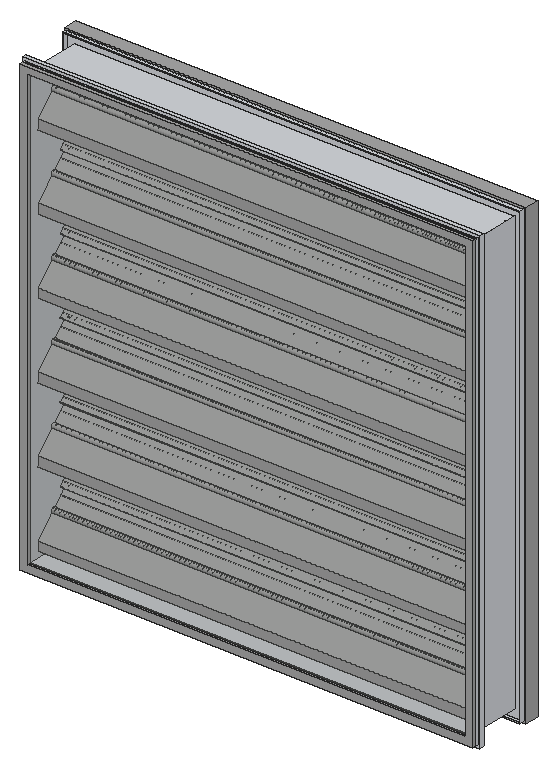
Revit family
Parameters
  Weight = "4.5 lb/sq.ft."  # constant formula
  Warranty = "All materials and workmanship are warranted for a period of 1 year from date of completion."  # constant formula
  URL = "http://www.industriallouvers.com"
  Surface Finish = "Aluminum, Anodized, or Kynar finish"  # constant formula
  Support Material = Aluminum
  Subcategory = "Adjustable and Combo"  # constant formula
  Static Pressure Loss = ""
  Specifications  URL = "http://www.industriallouvers.com/downloads/Adjustable%20&%20Combo/670_SD.doc"
  Screen Width [instance] = Louver Width - 0' 0 1/2"  # 3' - 11 1/2"
  Screen Material = Screen Material
  Screen Height [instance] = Louver Height - 0' 0 1/2" + 0' 0 9/64"  # 3' - 11 41/64"
  SMARTBIM URL = "http://www.SMARTBIM.com"
  SMARTBIM Object Version = 3  # constant formula
  SMARTBIM Object Created By = "SMARTBIM, LLC"  # constant formula
  SMARTBIM Contact = "mailto:SMARTBIM@SMARTBIM.com"
  Product Submittal URL = "http://www.industriallouvers.com/downloads/Adjustable%20&%20Combo/670_PS.pdf"
  Product Page URL = "http://www.industriallouvers.com/lv_fend.php"
  Number of Blades [instance] = (Louver Height - 0' 8 5/8") / 0' 6"  # 7
  Model = "670"  # constant formula
  Minimum Height = 1' - 0"  # constant formula
  Maximum Water Penetration = ""
  Maximum Size - Single Section [instance] = "Not to exceed 60\" x 120\" or 300 lbs"
  Material = "Aluminum"  # constant formula
  Manufacturer Toll Free Phone = "1-800-328-3421"  # constant formula
  Manufacturer Phone = "763-972-2981"  # constant formula
  Manufacturer Fax = "763-972-2911"  # constant formula
  Manufacturer Email = "mailto:ilinfo@industriallouvers.com"
  Manufacturer Address = "511 S. 7th Street, Delano, MN 55328"  # constant formula
  Manufacturer = "Industrial Louvers, Inc."  # constant formula
  Maintenance = "http://www.industriallouvers.com/prod-forms/Maintenance%20Instructions.pdf"
  Louver Width [instance] = 4' - 0"
  Louver Height [instance] = 4' - 0"
  Installation URL = "http://www.industriallouvers.com/downloads/Adjustable%20&%20Combo/670_II.pdf"
  Height [instance] = if(Louver Height < 1' 6", 1' 6", Louver Height + 0' 0 1/8")  # 4' - 0 1/8"
  Free Area for 48”x48” Louver = "61.3%"  # constant formula
  Free Area (ft²) for 48" x 48" Louver = "9.8"  # constant formula
  Frame Material = Aluminum
  Fill Material = Product Filling
  Description = "Adjustable and Combo"  # constant formula
  Depth = 0' - 6"  # constant formula
  Default Elevation = 4' - 0"
  Cost Info = "Contact Factory"  # constant formula
  CAD Drawings = "http://www.industriallouvers.com/downloads/Adjustable%20&%20Combo/670_ACD.dwg"
  Blade Width [instance] = Louver Width - 0' 2 1/8"  # 3' - 9 7/8"
  Blade Start Height [instance] = 0' 1" + (((Louver Height - Blade Region Height) / 2) / 2) - 0' 0 5/64"  # 0' - 5 7/64"
  Blade Region Height [instance] = (Blade Count) * 0' 6 1/4" - 0' 6 1/4"  # 2' - 7 1/4"
  Blade Material = Aluminum
  Blade Count [instance] = if(((Louver Height - 0' 5 1/2") / 0' 5") < 2, 2, ((Louver Height - 0' 8 5/8") / 0' 6")) - 1  # 6
  Assembly Code = "B2010300"
  95 CSI = "10200"  # constant formula
  04 CSI = "08 91 00"  # constant formula
Reference planes (in)
  plane 1 "Center (Front/Back)": y = 1
  plane 2: z = 0
  plane 3 "Center (Left/Right)": x = 0
  plane 4: x = -24.2
  plane 5 "Back of Blade": y = 4
  plane 6: z = 1.9087
  plane 7: z = 47.30027
  plane 8: z = 48.47554
  plane 9 "Back of Screen": y = 4.345
  plane 10: y = 4.47
  plane 11: y = 5.845
  plane 12 "Front of Louver": y = -2
  plane 13: z = 24.30027
  plane 14: x = -23
  plane 15: y = -2
  plane 16: z = 24.30027
  plane 17: z = 0.1587
  plane 18: z = 44.76902
  plane 19: z = 47.55027
  plane 20: x = -24
  plane 21: z = 0.30027
  plane 22: z = 48.30027
  plane 23: x = 24.2
  plane 24: x = 23
  plane 25: x = 24
  plane 26: y = -2.34375
  plane 27: x = 19.75
  plane 28: x = 19.875
Forms (in)
  Sweep 1, solid, material "Aluminum" <- "Support Material"
    path origin (0, 1, 0) x (1, 0, 0) y (0, 0, 1)
      loop
        line (-24.2, 48.47554) -> (-24.2, 0) -> (24.2, 0) -> (24.2, 48.47554) -> (-24.2, 48.47554)
    profile origin (0, 1, 48.47554) x (0, 0, 1) y (0, -1, 0)
      loop
        line (-1.5, -3.05) -> (-1.5, -3.175) -> (-0.125, -3.175) -> (-0.125, -4.55) -> (0, -4.55) -> (0, -3.05) -> (-1.5, -3.05)
  Extrusion 2, solid, material "Aluminum" <- "Blade Material"
    sketch origin (0, 0, 0) x (0, 1, 0) y (0, 0, 1)
      loop
        line (2.37405, 1.1587) -> (2.37405, 1.24335) -> (1.36762, 1.24335) -> (1.2331, 1.65303) -> (1.26351, 1.66302) -> (1.07883, 2.22547) -> (0.97105, 2.19009) -> (0.83836, 2.71622) -> (0.80733, 2.7084) -> (0.93875, 2.18729) -> (1.12574, 1.61778) -> (1.15614, 1.62777) -> (1.31016, 1.1587) -> (2.37405, 1.1587)
    from -23 to 23
  Sweep 3, solid
    path origin (0, 1, 0) x (1, 0, 0) y (0, 0, 1)
      loop
        line (24, 48.30027) -> (-24, 48.30027) -> (-24, 0.1587) -> (24, 0.1587) -> (24, 48.30027)
    profile origin (0, 1, 48.30027) x (0, 0, -1) y (0, -1, 0)
      loop
        line (1, -3) -> (1, 3) -> (0.25, 3) -> (0.25, 2.74997) -> (0, 2.74997) -> (0, 2.24997) -> (0.05, 2.24997) -> (0.05, 2.66997) -> (0.33, 2.66997) -> (0.33, 2.91997) -> (0.92, 2.91997) -> (0.92, -2.97) -> (0.05, -2.97) -> (0.05, -2.55) -> (0, -2.55) -> (0, -3.05) -> (2, -3.05) -> (2, -3) -> (1, -3)
  Extrusion 4, solid
    sketch origin (0, 0, 0) x (0, 1, 0) y (0, 0, 1)
      loop
        line (0.0923, 47.30027) -> (0.90328, 45.9928) -> (0.98685, 46.04128) -> (0.25554, 47.22029) -> (1.27828, 47.22029) -> (1.27828, 47.30027) -> (0.0923, 47.30027)
    from -23 to 23
  Extrusion 5, solid
    sketch origin (19.875, 3.75927, 36.36044) x (0, 0.932051, -0.362326) y (0, -0.362326, -0.932051)
      loop
        line (11.94022, 29.22664) -> (-3.46111, -10.3919) -> (-2.52906, -10.75422) -> (12.87227, 28.86432) -> (11.94022, 29.22664)
    from 0 to 0.125
Dimensions and locks (in)
  locked: plane 6 to level at 1.9087
  locked: plane 11 to plane 9 "Back of Screen" at 1.5
  locked: plane 10 to plane 9 "Back of Screen" at 0.125
  locked: plane 9 "Back of Screen" to plane 5 "Back of Blade" at 0.345
  equal spacing: plane 5 "Back of Blade", plane 1 "Center (Front/Back)", plane 15
  "Depth": plane 5 "Back of Blade" to plane 15
  locked: plane 4 to plane 14 at 1.2
  locked: plane 17 to level at 0.1587
  locked: plane 7 to plane 18 at 2.53125
  locked: plane 8 to plane 19 at 0.92527
  locked: plane 4 to plane 20 at 0.2
  locked: plane 22 to plane 8 at 0.17527
  plane 21 to plane 6 = 0' - 1.60843"
  "Louver Height": plane 21 to plane 22
  equal spacing: plane 21, plane 16, plane 22
  locked: plane 23 to plane 24 at 1.2
  locked: plane 23 to plane 25 at 0.2
  equal spacing: plane 20, plane 3 "Center (Left/Right)", plane 25
  "Louver Width": plane 20 to plane 25
  Sweep 3 sketch curve to Sweep 3 sketch curve to Sweep 3 sketch curve to Sweep 3 sketch curve to Sweep 3 sketch curve to Sweep 3 sketch curve to plane 22 = 0' - 1" locked, 0' - 0.08" locked, 0' - 0.59" locked, 0' - 0.08" locked, 0' - 0.2" locked, 0' - 0.05" locked
  equal spacing: group 1, group 3, group 4, group 5, group 6, group 2  (x3)
  locked: Extrusion 2 sketch curve to plane 1 "Center (Front/Back)" at 1.37405
  locked: plane 28 to plane 27 at 0.125
  locked: plane 24 to plane 28 at 3.125
  locked: plane 8 to plane 7 at 1.17527
  aligned and locked: Sweep 1 sketch curve to plane 8
  aligned and locked: Sweep 1 sketch curve to level
  aligned and locked: Sweep 1 sketch curve to plane 4
  aligned: Sweep 1 to plane 9 "Back of Screen"
  aligned and locked: plane 3 "Center (Left/Right)" to nested 1
  aligned and locked: plane 16 to plane 13
  aligned and locked: plane 3 "Center (Left/Right)" to nested 2
  aligned and locked: plane 6 to nested 2
  aligned: nested 2 to plane 5 "Back of Blade"
  aligned and locked: plane 23 to Sweep 1 sketch curve
  aligned and locked: Sweep 3 sketch curve to plane 22
  aligned and locked: Sweep 3 sketch curve to plane 20
  aligned and locked: plane 25 to Sweep 3 sketch curve
  aligned and locked: Sweep 3 sketch curve to plane 17
  aligned and locked: Extrusion 4 to Sweep 3  (x2)
  aligned and locked: plane 22 to Sweep 3 sketch curve  (x2)
  aligned and locked: Sweep 3 sketch curve to Sweep 3 sketch curve
  aligned and locked: Extrusion 2 to plane 24
  aligned and locked: Extrusion 2 to plane 14
  aligned and locked: nested 1 to plane 15
  aligned and locked: nested 1 to plane 26
  aligned and locked: nested 1 to Sweep 3
  aligned and locked: Sweep 1 to Sweep 3
  aligned: plane 7 to nested 3
  aligned and locked: nested 3 to plane 1 "Center (Front/Back)"
  aligned and locked: nested 2 to plane 1 "Center (Front/Back)"
  aligned and locked: nested 2 to Extrusion 5 sketch curve
  aligned and locked: nested 3 to Extrusion 5 sketch curve
  aligned and locked: Extrusion 5 to plane 27
  aligned: Extrusion 5 to nested 3
  aligned and locked: plane 3 "Center (Left/Right)" to nested 3
  aligned and locked: plane 28 to Extrusion 5
  aligned and locked: plane 7 to nested 3
Automatic sketch dimensions
  profile plane to Sweep 1 sketch curve = 0' - 0"
  Sweep 1 sketch curve to Sweep 1 sketch curve = 0' - 0 1/8"  (x2)
  Sweep 1 sketch curve to Sweep 1 sketch curve = 0' - 1 3/8"  (x2)
  Sweep 1 sketch curve to plane 1 "Center (Front/Back)" = 0' - 4.55"
  Sweep 3 sketch curve to plane 1 "Center (Front/Back)" = 0' - 3.05"
  Sweep 3 sketch curve to Sweep 3 sketch curve = 0' - 0.05"
  Sweep 3 sketch curve to Sweep 3 sketch curve = 0' - 0.03"
  Sweep 3 sketch curve to Sweep 3 sketch curve = 0' - 0.42"  (x2)
  plane 1 "Center (Front/Back)" to Sweep 3 sketch curve = 0' - 2.24997"
  Sweep 3 sketch curve to Sweep 3 sketch curve = 0' - 0.08"
  Sweep 3 sketch curve to Sweep 3 sketch curve = 0' - 0.17"
  Sweep 3 sketch curve to Sweep 3 sketch curve = 0' - 0.08003"
  Extrusion 4 sketch curve to plane 1 "Center (Front/Back)" = 0' - 0.27828"
  Extrusion 4 sketch curve to plane 19 = 0' - 0.32998"
  Extrusion 4 sketch curve to Extrusion 4 sketch curve = 0' - 0.07998"
  plane 1 "Center (Front/Back)" to Extrusion 4 sketch curve = 0' - 0.74446"
  plane 1 "Center (Front/Back)" to Extrusion 4 sketch curve = 0' - 0.01315"
  Extrusion 4 sketch curve to Extrusion 4 sketch curve = 0' - 1.17902"
  Extrusion 4 sketch curve to Extrusion 4 sketch curve = 0' - 0.16325"
  Extrusion 4 sketch curve to Extrusion 4 sketch curve = 0' - 0.08357"
  Extrusion 4 sketch curve to Extrusion 4 sketch curve = 0' - 0.04847"
  Extrusion 2 sketch curve to plane 1 "Center (Front/Back)" = 0' - 0.26351"
  Extrusion 2 sketch curve to Extrusion 2 sketch curve = 0' - 0.0304"  (x2)
  Extrusion 2 sketch curve to Extrusion 2 sketch curve = 0' - 0.07696"
  Extrusion 2 sketch curve to Extrusion 2 sketch curve = 0' - 0.15401"
  Extrusion 2 sketch curve to plane 1 "Center (Front/Back)" = 0' - 0.07883"
  Extrusion 2 sketch curve to Extrusion 2 sketch curve = 0' - 0.0323"
  plane 1 "Center (Front/Back)" to Extrusion 2 sketch curve = 0' - 0.16164"
  Extrusion 2 sketch curve to Extrusion 2 sketch curve = 0' - 0.03103"
  Extrusion 2 sketch curve to plane 21 = 0' - 0.85843"
  Extrusion 2 sketch curve to Extrusion 2 sketch curve = 0' - 0.00998"  (x2)
  Extrusion 2 sketch curve to Extrusion 2 sketch curve = 0' - 0.03525"
  Extrusion 2 sketch curve to Extrusion 2 sketch curve = 0' - 0.05746"
  level to Extrusion 2 sketch curve = 0' - 2.18729"
  Extrusion 5 sketch curve to plane 12 "Front of Louver" = 0' - 6.29859"
  Extrusion 5 sketch curve to Extrusion 5 sketch curve = 0' - 0.93205"
Nested families (in)
  nested 1: "Louver Screen" at (18, -2.34375, 0.40964), Width <- "Screen Width", Height <- "Screen Height", type "Louver Screen"
    with Width 3' - 11 1/2", Height 3' - 11 41/64", Depth 0' - 0 11/32"
  nested 2: "Louver-Blade_470_IndustrialLouver" at (0, 2.92543, 1.9087), type "Louver-Blade_470_IndustrialLouver"
    with Width 3' - 9 7/8"
  nested 3: "Louver-Blade_470_IndustrialLouver" at (0, 2.92543, 41.53076), type "Louver-Blade_470_IndustrialLouver"
    with Width 3' - 9 7/8"
  nested 4: "Louver-Blade_470_IndustrialLouver" at (0, 2.92543, 9.83311), type "Louver-Blade_470_IndustrialLouver"
    with Width 3' - 9 7/8"
  nested 5: "Louver-Blade_470_IndustrialLouver" at (0, 2.92543, 17.75752), type "Louver-Blade_470_IndustrialLouver"
    with Width 3' - 9 7/8"
  nested 6: "Louver-Blade_470_IndustrialLouver" at (0, 2.92543, 25.68194), type "Louver-Blade_470_IndustrialLouver"
    with Width 3' - 9 7/8"
  nested 7: "Louver-Blade_470_IndustrialLouver" at (0, 2.92543, 33.60635), type "Louver-Blade_470_IndustrialLouver"
    with Width 3' - 9 7/8"
Connectors (in)
  hvac at (0, 4.175, 24.23777), driven by "Louver Height", driven by "Louver Width"
    settings: on Sweep 1, index 1, duct flow 0 CFM, flow factor 0, pres drop 0.00 in-wg, loss coef 0, conn angle 0.00°, conn width 48", conn height 48", conn radius 12", duct sys type 1, conn prof type 1, flow config 0, flow direction 0, loss method 0, conn ref index -1, conn util no, is conn primary yes, conn desc ""
Definition of nested family "Louver Screen"
  Parameters (values of type "Louver Screen")
    Width [instance] = 5' - 0"
    Screen Frame = Aluminum
    Screen = Screen Material
    Height [instance] = 2' - 0"
    Depth [instance] = 0' - 0 115/256"
  Reference planes (in)
    plane 1 "Front": y = 0
    plane 2: z = 0
    plane 3 "Center (Left/Right)": x = -18
    plane 4: x = -48
    plane 5: x = 12
    plane 6: z = 24
    plane 7: x = -47.25
    plane 8: x = 11.25
    plane 9: z = 23.25
    plane 10: z = 0.75
    plane 11 "Back": y = 0.44922
    plane 12 "Center (Front/Back)": y = 0.22461
    plane 13: y = 0.19336
    plane 14: y = 0.25586
  Forms (in)
    Sweep 1, solid, material "Aluminum" <- "Screen Frame"
      path origin (0, 0, 0) x (1, 0, 0) y (0, 0, 1)
        loop
          line (-48, 24) -> (-48, 0) -> (12, 0) -> (12, 24) -> (-48, 24)
      profile origin (-18, 0, 24) x (0, 0, 1) y (0, -1, 0)
        loop
          line (0, 0) -> (-0.75, 0) -> (-0.75, -0.44922) -> (0, -0.44922) -> (0, 0)
    Extrusion 2, solid, material "Screen Material" <- "Screen"
      sketch origin (0, 0, 0) x (1, 0, 0) y (0, 0, 1)
        loop
          line (-47.25, 0.75) -> (11.25, 0.75) -> (11.25, 23.25) -> (-47.25, 23.25) -> (-47.25, 0.75)
      from -0.19336 to -0.25586
  Dimensions and locks (in)
    equal spacing: plane 4, plane 3 "Center (Left/Right)", plane 5
    "Width": plane 4 to plane 5
    "Height": plane 6 to level
    locked: Sweep 1 sketch curve to Sweep 1 sketch curve at 0.75
    locked: plane 6 to plane 9 at 0.75
    locked: plane 4 to plane 7 at 0.75
    locked: plane 5 to plane 8 at 0.75
    locked: plane 10 to level at 0.75
    "Depth": plane 1 "Front" to plane 11 "Back"
    equal spacing: plane 1 "Front", plane 12 "Center (Front/Back)", plane 11 "Back"
    plane 14 to plane 12 "Center (Front/Back)" to plane 13 = 0' - 0 1/32" locked, 0' - 0 1/32" locked
    aligned and locked: Sweep 1 sketch curve to plane 6
    aligned and locked: Sweep 1 sketch curve to plane 4
    aligned and locked: Sweep 1 sketch curve to level
    aligned and locked: Sweep 1 sketch curve to plane 5
    aligned and locked: Extrusion 2 sketch curve to plane 7
    aligned and locked: Extrusion 2 sketch curve to plane 9
    aligned and locked: Extrusion 2 sketch curve to plane 10
    aligned and locked: Extrusion 2 sketch curve to plane 8
    aligned and locked: plane 11 "Back" to Sweep 1
    aligned and locked: plane 1 "Front" to Sweep 1 sketch curve
    aligned and locked: plane 11 "Back" to Sweep 1 sketch curve
    aligned and locked: plane 14 to Extrusion 2
    aligned and locked: Extrusion 2 to plane 13
  Automatic sketch dimensions
    profile plane to Sweep 1 sketch curve = 0' - 0"
Definition of nested family "Louver-Blade_470_IndustrialLouver"
  Parameters (values of type "Louver-Blade_470_IndustrialLouver")
    Width = 3' - 10"
    Fill Material = Product Filling
    Blade Material = Aluminum
    Assembly Code = ""
  Reference planes (in)
    plane 1 "Center (Front/Back)": y = 0
    plane 2: z = 0
    plane 3 "Center (Left/Right)": x = 0
    plane 4: x = -23
    plane 5: x = 23
    plane 6: z = 5.76951
    plane 7: z = 2.88475
    plane 8: x = 20
    plane 9: x = 19.875
    plane 10: y = -1.92543
    plane 11: y = 1.87316
  Forms (in)
    Extrusion 1, solid, material "Aluminum" <- "Blade Material"
      sketch origin (0, 0, 0) x (0, 1, 0) y (0, 0, 1)
        loop
          line (-3.87, 0.96686) -> (-2.07446, 2.76241)
          arc (-2.07446, 2.76241) -> (-1.89751, 2.7105) -> (-1.72882, 2.78497) r 0.2685
          arc (-1.72882, 2.78497) -> (-1.73381, 2.8467) -> (-1.79332, 2.82955) r 0.04
          line (-1.79332, 2.82955) -> (-2.07467, 2.88014)
          arc (-2.07467, 2.88014) -> (-2.08117, 3.06529) -> (-1.92543, 3.16564) r 0.1875
          line (-1.92543, 3.16564) -> (-1.7233, 2.9635)
          arc (-1.7233, 2.9635) -> (-1.70341, 2.90485) -> (-1.64988, 2.93599) r 0.04
          arc (-1.64988, 2.93599) -> (-1.6541, 3.04188) -> (-1.69898, 3.13789) r 0.2685
          line (-1.69898, 3.13789) -> (-0.92772, 3.90914) -> (-0.8358, 3.81721) -> (-0.72125, 3.93177)
          arc (-0.72125, 3.93177) -> (-0.72125, 3.96712) -> (-0.7566, 3.96712) r 0.025
          line (-0.7566, 3.96712) -> (-0.82731, 3.89641) -> (-0.88388, 3.95298) -> (-0.17678, 4.66009) -> (-0.12021, 4.60352) -> (-0.19092, 4.53281)
          arc (-0.19092, 4.53281) -> (-0.19092, 4.49745) -> (-0.15556, 4.49745) r 0.025
          line (-0.15556, 4.49745) -> (-0.04101, 4.612) -> (-0.13294, 4.70393) -> (0, 4.83686) -> (0, 5.74451)
          arc (0, 5.74451) -> (-0.01543, 5.7676) -> (-0.04268, 5.76219) r 0.025
          line (-0.04268, 5.76219) -> (-0.24466, 5.5602) -> (-0.26729, 5.58283) -> (-1.06066, 4.78946) -> (-1.03803, 4.76683) -> (-0.66327, 5.1416) -> (-0.58336, 5.06169) -> (-0.16476, 5.4803) -> (-0.18738, 5.50293) -> (-0.081, 5.60931) -> (-0.081, 4.869) -> (-1.75554, 3.19446)
          arc (-1.75554, 3.19446) -> (-2.10486, 3.16829) -> (-2.13102, 2.81898) r 0.2685
          line (-2.13102, 2.81898) -> (-3.95, 1) -> (-3.95, 0) -> (-3.87, 0) -> (-3.87, 0.96686)
      from -23 to 23
    Extrusion 2, solid, material "Aluminum" <- "Blade Material"
      sketch origin (0, 0, 0) x (0, 1, 0) y (0, 0, 1)
        loop
          line (-0.24073, 4.48299) -> (-0.12021, 4.60352) -> (-0.17678, 4.66009) -> (-0.88388, 3.95298) -> (-0.82731, 3.89641) -> (-0.71602, 4.00771) -> (0.73438, 3.44388) -> (1.87489, 3.44388)
          arc (1.87489, 3.44388) -> (2.28471, 3.83401) -> (1.80288, 4.13065) r 0.3571
          line (1.80288, 4.13065) -> (0.99566, 4.00235) -> (-0.24073, 4.48299)
        loop
          circle (1.87316, 3.77755) r 0.11438
      from 19.875 to 20
  Dimensions and locks (in)
    equal spacing: plane 4, plane 3 "Center (Left/Right)", plane 5
    "Width": plane 4 to plane 5
    equal spacing: plane 6, plane 7, level
    plane 6 to level = 0' - 5.76951"
    locked: plane 9 to plane 8 at 0.125
    locked: plane 8 to plane 5 at 3
    aligned and locked: Extrusion 1 to plane 4
    aligned and locked: plane 5 to Extrusion 1
    aligned and locked: plane 8 to Extrusion 2
    aligned and locked: Extrusion 2 to plane 9
  Automatic sketch dimensions
    Extrusion 1 sketch curve to Extrusion 1 sketch curve = 0' - 0"  (x14)
    Extrusion 1 sketch curve to plane 1 "Center (Front/Back)" = 0' - 0"
    plane 1 "Center (Front/Back)" to Extrusion 1 sketch curve = 0' - 0.025"
    plane 1 "Center (Front/Back)" to Extrusion 1 sketch curve = 0' - 0.04101"
    Extrusion 1 sketch curve to Extrusion 1 sketch curve = 0' - 0.01768"  (x6)
    plane 1 "Center (Front/Back)" to Extrusion 1 sketch curve = 0' - 0.081"
    Extrusion 1 sketch curve to Extrusion 1 sketch curve = 0' - 0.0792"  (x2)
    Extrusion 1 sketch curve to Extrusion 1 sketch curve = 0' - 0.01273"
    Extrusion 1 sketch curve to Extrusion 1 sketch curve = 0' - 0.03536"  (x2)
    Extrusion 1 sketch curve to Extrusion 1 sketch curve = 0' - 0.08376"
    Extrusion 1 sketch curve to Extrusion 1 sketch curve = 0' - 0.04384"  (x4)
    Extrusion 1 sketch curve to Extrusion 1 sketch curve = 0' - 0.02263"  (x4)
    Extrusion 1 sketch curve to Extrusion 1 sketch curve = 0' - 0.05728"
    Extrusion 1 sketch curve to Extrusion 1 sketch curve = 0' - 0.50236"
    Extrusion 1 sketch curve to Extrusion 1 sketch curve = 0' - 0.0799"
    plane 1 "Center (Front/Back)" to Extrusion 1 sketch curve = 0' - 0.72125"
    Extrusion 1 sketch curve to Extrusion 1 sketch curve = 0' - 0.11455"
    Extrusion 1 sketch curve to Extrusion 1 sketch curve = 0' - 0.00849"  (x2)
    Extrusion 1 sketch curve to Extrusion 1 sketch curve = 0' - 0.05657"  (x4)
    Extrusion 1 sketch curve to Extrusion 1 sketch curve = 0' - 0.37477"
    Extrusion 1 sketch curve to Extrusion 1 sketch curve = 0' - 0.72215"
    Extrusion 1 sketch curve to Extrusion 1 sketch curve = 0' - 0.0395"
    Extrusion 1 sketch curve to Extrusion 1 sketch curve = 0' - 0.0096"
    Extrusion 1 sketch curve to Extrusion 1 sketch curve = 0' - 0.03392"
    Extrusion 1 sketch curve to Extrusion 1 sketch curve = 0' - 0.03944"
    Extrusion 1 sketch curve to Extrusion 1 sketch curve = 0' - 0.02774"
    Extrusion 1 sketch curve to Extrusion 1 sketch curve = 0' - 0.03677"
    Extrusion 1 sketch curve to Extrusion 1 sketch curve = 0' - 0.1917"
    Extrusion 1 sketch curve to Extrusion 1 sketch curve = 0' - 0.16989"
    Extrusion 1 sketch curve to Extrusion 1 sketch curve = 0' - 0.15946"
    Extrusion 1 sketch curve to Extrusion 1 sketch curve = 0' - 0.00022"
    level to Extrusion 1 sketch curve = 0' - 0.96686"
    Extrusion 1 sketch curve to Extrusion 1 sketch curve = 0' - 1.79554"  (x2)
    Extrusion 1 sketch curve to Extrusion 1 sketch curve = 0' - 0.08"
    Extrusion 1 sketch curve to Extrusion 1 sketch curve = 0' - 0.03314"
    Extrusion 1 sketch curve to Extrusion 1 sketch curve = 0' - 0.1222"
    Extrusion 1 sketch curve to Extrusion 1 sketch curve = 0' - 0.13294"
    Extrusion 1 sketch curve to Extrusion 1 sketch curve = 0' - 0.03214"
    Extrusion 1 sketch curve to level = 0' - 0"
    Extrusion 1 sketch curve to Extrusion 1 sketch curve = 0' - 0.02256"
    Extrusion 1 sketch curve to Extrusion 1 sketch curve = 0' - 0.06116"
    Extrusion 1 sketch curve to Extrusion 1 sketch curve = 0' - 0.67933"
    Extrusion 1 sketch curve to Extrusion 1 sketch curve = 0' - 0.10607"
    Extrusion 1 sketch curve to Extrusion 1 sketch curve = 0' - 0.81385"
    plane 1 "Center (Front/Back)" to Extrusion 2 sketch curve = 0' - 0.24073"
    Extrusion 2 sketch curve to plane 1 "Center (Front/Back)" = 0' - 0.99566"
    Extrusion 2 sketch curve to Extrusion 2 sketch curve = 0' - 0.80722"
    plane 7 to Extrusion 2 sketch curve = 0' - 1.1176"
    Extrusion 2 sketch curve to Extrusion 2 sketch curve = 0' - 0.12829"
    Extrusion 2 sketch curve to plane 6 = 0' - 1.28652"
    Extrusion 2 sketch curve to Extrusion 2 sketch curve = 0' - 0.07201"
    Extrusion 2 sketch curve to Extrusion 2 sketch curve = 0' - 0.12667"
    Extrusion 2 sketch curve to Extrusion 2 sketch curve = 0' - 0.33388"
    Extrusion 2 sketch curve to Extrusion 2 sketch curve = 0' - 0.26128"
    Extrusion 2 sketch curve to Extrusion 2 sketch curve = 0' - 0.47529"  (x2)
    Extrusion 2 sketch curve to Extrusion 2 sketch curve = 0' - 0.16786"
    plane 1 "Center (Front/Back)" to Extrusion 2 sketch curve = 0' - 0.17678"
    Extrusion 2 sketch curve to Extrusion 2 sketch curve = 0' - 0.05657"  (x2)
    Extrusion 2 sketch curve to Extrusion 2 sketch curve = 0' - 0.05473"
    Extrusion 2 sketch curve to Extrusion 2 sketch curve = 0' - 0.12053"
